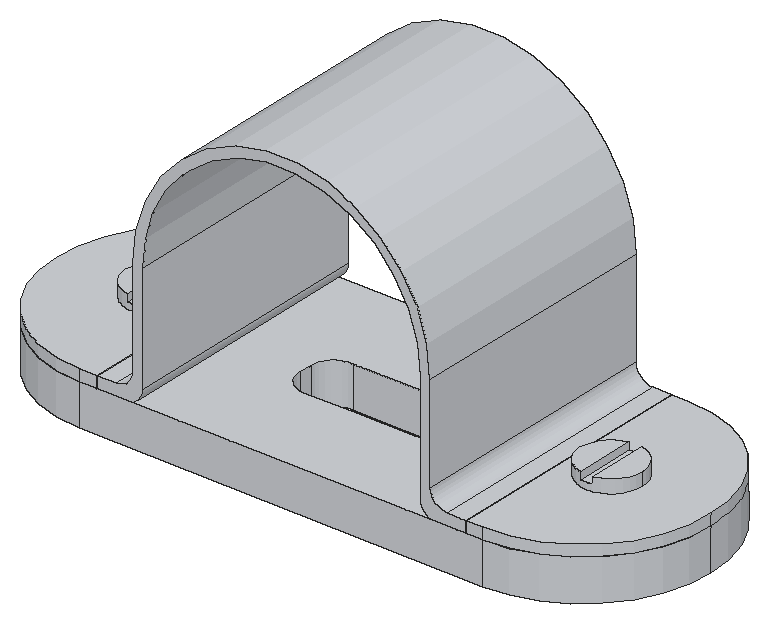
Revit family "PSBS20W", category Generic Models, Revit 2017
Family settings
  Can host rebar = No
  Round Connector Dimension = Use Diameter
  Part Type = Normal
  Work Plane-Based = Yes
  Always vertical = No
  Cut with Voids When Loaded = No
  Shared = No
  Room Calculation Point = No
Parameters (values of type "NBS Standard Parameters")
  Weight = "0.0126Kg"
  WarrantyStartDate [instance] = "1900-12-31T23:59:59"
  WarrantyGuarantorParts = "n/a"
  WarrantyGuarantorLabor = "n/a"
  WarrantyDurationUnit = "1 year"
  WarrantyDurationParts = "n/a"
  WarrantyDurationLabor = "n/a"
  WarrantyDescription = "n/a"
  Version = "1"
  Uniclass2 = "Pr_65_70_11_20"
  TagNumber [instance] = "n/a"
  SustainabilityPerformance = "n/a"
  Size = "20mm"
  Shape = "n/a"
  SerialNumber [instance] = "n/a"
  Revision = "n/a"
  ReplacementCost = "n/a"
  ProductInformation = "www.metpro.co.uk/pdf/psbs20w.pdf"
  NominalWidth = 20 mm
  NominalLength = 55 mm
  NominalHeight = 24 mm
  Name = ""
  NBSTypeID = ""
  NBSReference = "90-55-10/460"
  NBSOfficeMasterTag = ""
  NBSNote = ""
  NBSDescription = "Conduit Fittings"
  NBSCertification = ""
  ModelReference = "PSBS20W"
  ModelNumber = "n/a"
  Material = "PVC"
  ManufacturerURL = "www.metpro.co.uk"
  ManufacturerName = "Metpro Ltd"
  Keynote = "Manufactured to BS4607 Part 1"
  InstallationDate [instance] = "1900-12-31T23:59:59"
  IfcExportType = ""
  IfcExportAs = ""
  Grade = "n/a"
  Finish = "White"
  Features = "n/a"
  ExpectedLife = "n/a"
  DurationUnit = "year"
  Description = "PSBS20W - 20mm PVC Conduit Spacer Bar Saddle"
  Default Elevation = 1219.2 mm
  Constituents = "n/a"
  Color = "n/a"
  CodePerformance = "n/a"
  Category = "n/a"
  BarCode [instance] = "n/a"
  BIMObjectName = "Metpro_metprolibrary_conduitfittings_PVCcomponent_accessory"
  Author = "Metpro Ltd"
  AssetType = ""
  AssetIdentifier [instance] = "n/a"
  AccessibilityPerformance = "n/a"
Reference planes
  plane 1 "Center (Front/Back)": y = 0
  plane 2: z = 0
  plane 3 "Center (Left/Right)": x = 0
Forms (mm)
  Extrusion 1, solid
    sketch origin (0, 8.627, 9.873) x (1, 0, 0) y (0, 0, 1)
      loop
        line (10, 0) -> (10, -7.931)
        arc (10, -7.931) -> (10.299, -8.654) -> (11.022, -8.953) r 1.022
        line (11.022, -8.953) -> (13.292, -8.953) -> (13.292, -8.137) -> (11.908, -8.137)
        arc (11.908, -8.137) -> (11.059, -7.785) -> (10.708, -6.937) r 1.2
        line (10.708, -6.937) -> (10.708, 0)
        arc (10.708, 0) -> (0, 10.708) -> (-10.708, 0) r 10.708
        line (-10.708, 0) -> (-10.708, -6.919)
        arc (-10.708, -6.919) -> (-11.064, -7.78) -> (-11.925, -8.137) r 1.217
        line (-11.925, -8.137) -> (-13.292, -8.137) -> (-13.292, -8.953) -> (-11.048, -8.953)
        arc (-11.048, -8.953) -> (-10.307, -8.646) -> (-10, -7.906) r 1.048
        line (-10, -7.906) -> (-10, 0)
        arc (-10, 0) -> (0, 10) -> (10, 0) r 10
    from 0 to 18.5
  Extrusion 2, solid
    sketch origin (-23.542, 8.627, 0.92) x (0, -1, 0) y (-1, 0, 0)
      loop
        arc (18.5, -9.004) -> (15.772, -2.548) -> (9.241, -0.004) r 9.004
        arc (9.241, -0.004) -> (2.723, -2.543) -> (0, -8.987) r 8.987
        line (0, -8.987) -> (0, -38.099)
        arc (0, -38.099) -> (2.721, -44.541) -> (9.237, -47.081) r 8.986
        arc (9.237, -47.081) -> (15.771, -44.534) -> (18.5, -38.073) r 9.012
        line (18.5, -38.073) -> (18.5, -9.004)
      loop
        line (11.669, -23.542) -> (11.669, -19.735)
        arc (11.669, -19.735) -> (11.157, -18.499) -> (9.921, -17.987) r 1.748
        line (9.921, -17.987) -> (8.961, -17.987)
        arc (8.961, -17.987) -> (7.772, -18.48) -> (7.279, -19.67) r 1.683
        line (7.279, -19.67) -> (7.279, -27.345)
        arc (7.279, -27.345) -> (7.781, -28.557) -> (8.994, -29.06) r 1.715
        line (8.994, -29.06) -> (9.979, -29.06)
        arc (9.979, -29.06) -> (11.174, -28.565) -> (11.669, -27.37) r 1.69
        line (11.669, -27.37) -> (11.669, -23.542)
    from 0 to 3
  Extrusion 3, solid
    sketch origin (10.708, 8.627, 1.736) x (1, 0, 0) y (0, 1, 0)
      loop
        line (-25.246, -18.5) -> (-24, -18.5) -> (-24, 0) -> (-25.263, 0)
        arc (-25.263, 0) -> (-31.707, -2.723) -> (-34.246, -9.241) r 8.987
        arc (-34.246, -9.241) -> (-31.702, -15.772) -> (-25.246, -18.5) r 9.004
      loop
        line (3.849, 0) -> (2.585, 0) -> (2.585, -18.5) -> (3.823, -18.5)
        arc (3.823, -18.5) -> (10.284, -15.771) -> (12.831, -9.237) r 9.012
        arc (12.831, -9.237) -> (10.291, -2.721) -> (3.849, 0) r 8.986
      loop
        circle (5.644, -9.237) r 1.585
      loop
        circle (-27.059, -9.237) r 1.585
    from 0 to -0.8
  Extrusion 4, solid
    sketch origin (10.708, 8.627, 1.736) x (1, 0, 0) y (0, 1, 0)
      loop
        circle (5.644, -9.237) r 2.242
      loop
        circle (-27.066, -9.237) r 2.242
    from 0 to 0.948
  Extrusion 5, void
    sketch origin (10.708, 8.627, 2.684) x (0, 1, 0) y (1, 0, 0)
      loop
        line (-11.916, -26.587) -> (-11.916, -27.451) -> (-6.427, -27.451) -> (-6.427, -26.587) -> (-11.916, -26.587)
      loop
        line (-11.916, 5.172) -> (-6.427, 5.172) -> (-6.427, 6.036) -> (-11.916, 6.036) -> (-11.916, 5.172)
    from 0 to 0.5
Cuts and joins
  Extrusion 5 cuts Extrusion 2
  Extrusion 5 cuts Extrusion 3
  Extrusion 5 cuts Extrusion 4
Dimensions and locks
  aligned and locked: level to plane 2
